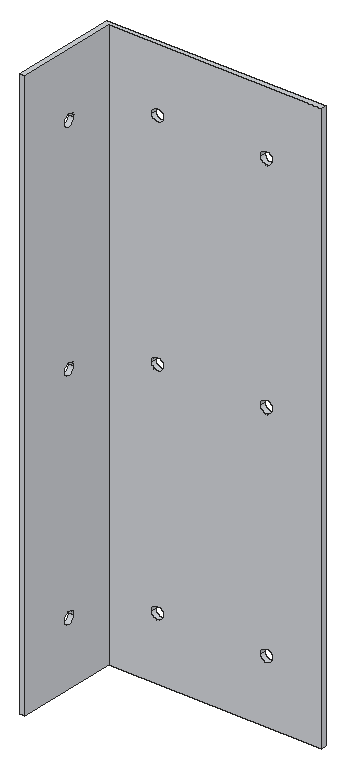
Revit family "StiffClip (R) AL", category Structural Connections, Revit 2026
Family settings
  Material for Model Behavior = Other
  Work Plane-Based = No
  Enable Cutting in Views = No
  Always vertical = No
  Cut with Voids When Loaded = No
  Shared = No
Parameters (values of type "StiffClip® AL 800")
  Version = "2.0"
  URL = "http://www.steelnetwork.com/product.aspx/StiffClipAL"
  Manufacturer = "The Steel Network, Inc."
  Is_800 = yes
  Is_600 = no
  Is_362_400 = no
Types (5): name | Is_800 | Is_600 | Is_362_400
  (no name) | yes | no | no
  StiffClip® AL 362 | no | no | yes
  StiffClip® AL 400 | no | no | yes
  StiffClip® AL 600 | no | yes | no
  StiffClip® AL 800 | yes | no | no
Reference planes (in)
  plane 1 "Center (Front/Back)": y = 0
  plane 2: z = 0
  plane 3 "Center (Left/Right)": x = 0
Dimensions and locks (in)
  aligned and locked: plane 3 "Center (Left/Right)" to nested 2
Nested families (in)
  nested 1: "StiffClip (R) AL 600" at (0, 0, -2.9375), visible <- "Is_600", Comments <- "Version", Mark <- "Manufacturer", type "StiffClip (R) AL 600"
  nested 2: "StiffClip (R) AL 800" at (0, 0, -3.9375), visible <- "Is_800", Comments <- "Version", Mark <- "Manufacturer", type "StiffClip (R) AL 800"
  nested 3: "StiffClip (R) AL 362-400" at (0, 0, -1.75), visible <- "Is_362_400", Comments <- "Version", Mark <- "Manufacturer", type "StiffClip (R) AL 362-400"
Definition of nested family "StiffClip (R) AL 600"
  Parameters
    Version = "2.0"
    URL = "http://www.steelnetwork.com/product.aspx/StiffClipAL"
    Manufacturer = "The Steel Network, Inc."
  Reference planes (in)
    plane 1 "Center (Front/Back)": y = 0
    plane 2: z = 0
    plane 3 "Center (Left/Right)": x = 0
    plane 4: x = 2.25
    plane 5: x = 0.75
  Forms (in)
    Extrusion 1, solid
      sketch origin (0, 0, 0) x (1, 0, 0) y (0, 1, 0)
        loop
          line (0, -1.5) -> (0.0713, -1.5) -> (0.0713, -0.0713) -> (3, -0.0713) -> (3, 0) -> (0, 0) -> (0, -1.5)
      from 0 to 5.875
    Extrusion 2, void
      sketch origin (0, 0, 0) x (0, 1, 0) y (0, 0, 1)
        loop
          circle (-0.75, 2.9375) r 0.086
        loop
          circle (-0.75, 0.875) r 0.086
        loop
          circle (-0.75, 2) r 0.086
        loop
          circle (-0.75, 3.875) r 0.086
        loop
          circle (-0.75, 5) r 0.086
      from 0 to 0.0713
    Extrusion 3, void
      sketch origin (0, 0, 0) x (1, 0, 0) y (0, 0, 1)
        loop
          circle (0.75, 5) r 0.086
        loop
          circle (0.75, 0.875) r 0.086
        loop
          circle (2.25, 5) r 0.086
        loop
          circle (2.25, 0.875) r 0.086
      from 0 to 0.0713
  Cuts and joins
    Extrusion 2, Extrusion 3 cuts Extrusion 1
  Dimensions and locks (in)
    aligned and locked: Extrusion 1 to Extrusion 2
    aligned and locked: Extrusion 2 to plane 3 "Center (Left/Right)"
    aligned and locked: Extrusion 3 to plane 1 "Center (Front/Back)"
Definition of nested family "StiffClip (R) AL 800"
  Parameters
    Version = "2.0"
    URL = "http://www.steelnetwork.com/product.aspx/StiffClipAL"
    Manufacturer = "The Steel Network, Inc."
  Reference planes (in)
    plane 1 "Center (Front/Back)": y = 0
    plane 2: z = 0
    plane 3 "Center (Left/Right)": x = 0
    plane 4: z = 3.9375
  Forms (in)
    Extrusion 1, solid
      sketch origin (0, 0, 0) x (1, 0, 0) y (0, 1, 0)
        loop
          line (0, -1.5) -> (0.0713, -1.5) -> (0.0713, -0.0713) -> (3, -0.0713) -> (3, 0) -> (0, 0) -> (0, -1.5)
      from 0 to 7.875
    Extrusion 2, void
      sketch origin (0, 0, 0) x (0, 1, 0) y (0, 0, 1)
        loop
          circle (-0.75, 0.875) r 0.086
        loop
          circle (-0.75, 3.9375) r 0.086
        loop
          circle (-0.75, 7) r 0.086
      from 0 to 0.0713
    Extrusion 3, void
      sketch origin (0, 0, 0) x (1, 0, 0) y (0, 0, 1)
        loop
          circle (0.75, 7) r 0.086
        loop
          circle (0.75, 0.875) r 0.086
        loop
          circle (2.25, 7) r 0.086
        loop
          circle (2.25, 0.875) r 0.086
        loop
          circle (0.75, 3.9375) r 0.086
        loop
          circle (2.25, 3.9375) r 0.086
      from 0 to 0.0713
  Cuts and joins
    Extrusion 2, Extrusion 3 cuts Extrusion 1
  Dimensions and locks (in)
    aligned and locked: Extrusion 1 to Extrusion 2
    aligned and locked: Extrusion 2 to plane 3 "Center (Left/Right)"
    aligned and locked: Extrusion 3 to plane 1 "Center (Front/Back)"
Definition of nested family "StiffClip (R) AL 362-400"
  Parameters
    Version = "2.0"
    URL = "http://www.steelnetwork.com/product.aspx/StiffClipAL"
    Manufacturer = "The Steel Network, Inc."
  Reference planes (in)
    plane 1 "Center (Front/Back)": y = 0
    plane 2: z = 0
    plane 3 "Center (Left/Right)": x = 0
    plane 4: z = 2.625
    plane 5: z = 0.875
    plane 6: z = 3.5
  Forms (in)
    Extrusion 1, solid
      sketch origin (0, 0, 0) x (1, 0, 0) y (0, 1, 0)
        loop
          line (0, -1.5) -> (0.0713, -1.5) -> (0.0713, -0.0713) -> (3, -0.0713) -> (3, 0) -> (0, 0) -> (0, -1.5)
      from 0 to 3.5
    Extrusion 2, void
      sketch origin (0, 0, 0) x (0, 1, 0) y (0, 0, 1)
        loop
          circle (-0.75, 2.625) r 0.086
        loop
          circle (-0.75, 0.875) r 0.086
      from 0 to 0.0713
    Extrusion 3, void
      sketch origin (0, 0, 0) x (1, 0, 0) y (0, 0, 1)
        loop
          circle (0.75, 2.625) r 0.086
        loop
          circle (0.75, 0.875) r 0.086
        loop
          circle (2.25, 2.625) r 0.086
        loop
          circle (2.25, 0.875) r 0.086
      from 0 to 0.0713
  Cuts and joins
    Extrusion 2, Extrusion 3 cuts Extrusion 1
  Dimensions and locks (in)
    aligned and locked: Extrusion 1 to Extrusion 2
    aligned and locked: Extrusion 2 to plane 3 "Center (Left/Right)"
    aligned and locked: Extrusion 3 to plane 1 "Center (Front/Back)"
